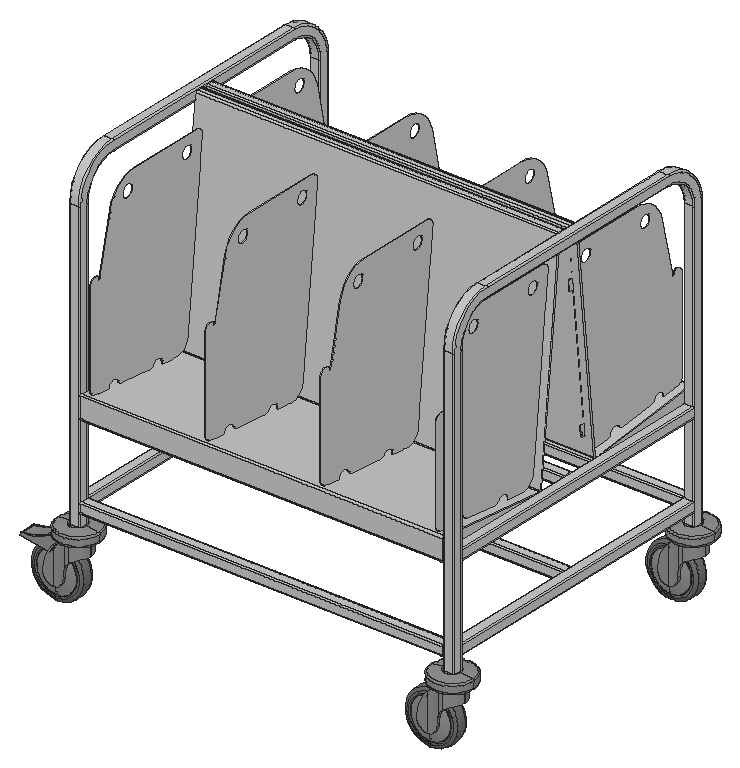
Revit family "QF_BPRO_TWH 2H_575187", category Sonderausstattung, Revit 2018
Family settings
  Bemaßung runder Anschluss = Durchmesser verwenden
  Teiletyp = Normal
  Arbeitsebenenbasiert = Nein
  Immer vertikal = Ja
  Beim Laden mit Abzugskörper schneiden = Nein
  Gemeinsam genutzt = Nein
  Raumberechnungspunkt = Nein
Parameters (values of type "TWH 2H")
  Zubehör = yes
  Warnhinweise = ""
  URL = "https://www.bpro-solutions.com/"
  Typenkommentare = "Tellerwagen"
  Tiefe = 811 mm
  Modell = "TWH 2H"
  Material Stoßschutz = QF_Plastic-Dark_Grey-Matt
  Material Rollen = QF_Plastic-Dark_Grey-Matt
  Material = QF_Metal-Stainless-Steel_general
  Länge Gerätebreite = 984 mm
  Kosten = 1279
  Internetadresse für Ersatzteilliste = ""
  Internetadresse Gerätehersteller = "https://www.bpro-solutions.com/"
  ID [instance] = ""
  Höhe = 950 mm
  Hersteller = "B.PRO GmbH"
  Großküchengerätezuordnung = yes
  Gerätegewicht Netto = 0.00 kg
  Freiraum [instance] = no
  CE Kennzeichnung = yes
  Beschreibung durch Hersteller analog Leistungsverzeichnislangtext = "Abmessungen\n\nLänge:\t\t\t984 mm\nBreite:\t\t811 mm  \nHöhe:\t\t950 mm\n\n\nAusführung\n\nDer Tellerwagen ist komplett aus CNS 18/10 hergestellt. Das Rahmengestell besteht aus stabilem Vierkantrohr 25x25 mm. Dazwischen befindet sich die verschweißte Rückwand und das schräg zur Rückwand geneigte Abstellbord.\nAnhand der 8 einhängbaren Trennbleche pro Seite lassen sich mithilfe des Lochrasters im Boden und der Rückwand die jeweiligen Tellergrößen flexibel einstellen.\nDer Wagen ist zweiseitig beschickbar und passend für Teller mit einem Durchmesser bis max. 260 mm. \n\nDer Tellerwagen ist fahrbar mittels rostfreien Kunststoffrollen gemäß DIN 18867-8 (4 Lenkrollen, davon 2 mit Feststeller, Rollendurchmesser 125 mm). An allen vier Ecken befinden sich runde Wandabweiser.\n\n\nTechnische Daten\n\nWerkstoff:\tCNS 18/10\t\nGesamttragfähigkeit:\t210 kg\t\nKapazität:\t300 Teller, passend für \tTeller max. 260 mm \n\t\n\nBesonderheit\n\n•\tInkl. 8 einhängbarenTrennblechen zur flexiblen Einstellung der gewünschten Tellergröße\n\n\nFabrikat\n\nHersteller:\t\t\tB.PRO\nModell:\tTWH 2H\nBest.Nr.\t575 187"
  Description = "TWH 2H\nTellerwagen für 2-seitige Beschickung,\nhohe Ausführung,\nkomplett aus rostfreiem Edelstahl,\ninkl. 8 einhängbaren Trennblechen zur\nflexiblen Einstellung auf die jeweilige\nTellergröße,\nBordmaß: 858 x 288 mm\nEntnahmehöhe unten: 455 mm\nFassungsvermögen: bis zu 300 Teller,\nø 26 cm"
  Artikel Nummer = "575187"
Reference planes
  plane 1 "Mitte (Vorne/hinten)": y = 0
  plane 2: z = 0
  plane 3 "Mitte (Links/rechts)": x = 0
  plane 4 "v": x = -441.5
  plane 5 "h": x = 441.5
  plane 6 "l": y = -355
  plane 7 "r": y = 355
  plane 8: x = 454
  plane 9: x = 429
  plane 10: y = 190
  plane 11: y = 165
  plane 12: x = 492.019
  plane 13: y = 405.519
  plane 14: y = -405.519
Forms (mm)
  Extrusion 1, solid, visible <- "Freiraum"
    sketch origin (-330, 330.009, 0) x (1, 0, 0) y (0, 1, 0)
      loop
        line (-162.019, 75.509) -> (-162.019, -735.528) -> (822.019, -735.528) -> (822.019, 75.509) -> (-162.019, 75.509)
    from 0 to 950
  Extrusion 2, solid, material "QF_Metal-Stainless-Steel_general" <- "Material"
    sketch origin (0, 0, 0) x (1, 0, 0) y (0, 0, 1)
      loop
        arc (-451, 226) -> (-453.121, 225.121) -> (-454, 223) r 3
        line (-454, 223) -> (-454, 204)
        arc (-454, 204) -> (-453.121, 201.879) -> (-451, 201) r 3
        line (-451, 201) -> (-432, 201)
        arc (-432, 201) -> (-429.879, 201.879) -> (-429, 204) r 3
        line (-429, 204) -> (-429, 223)
        arc (-429, 223) -> (-429.879, 225.121) -> (-432, 226) r 3
        line (-432, 226) -> (-451, 226)
      loop
        line (451, 226) -> (432, 226)
        arc (432, 226) -> (429.879, 225.121) -> (429, 223) r 3
        line (429, 223) -> (429, 204)
        arc (429, 204) -> (429.879, 201.879) -> (432, 201) r 3
        line (432, 201) -> (451, 201)
        arc (451, 201) -> (453.121, 201.879) -> (454, 204) r 3
        line (454, 204) -> (454, 223)
        arc (454, 223) -> (453.121, 225.121) -> (451, 226) r 3
    from -342.5 to 342.5
  Extrusion 3, solid, material "QF_Metal-Stainless-Steel_general" <- "Material"
    sketch origin (0, 177.5, 0) x (0, 1, 0) y (0, 0, 1)
      loop
        arc (168, 226) -> (165.879, 225.121) -> (165, 223) r 3
        line (165, 223) -> (165, 204)
        arc (165, 204) -> (165.879, 201.879) -> (168, 201) r 3
        line (168, 201) -> (187, 201)
        arc (187, 201) -> (189.121, 201.879) -> (190, 204) r 3
        line (190, 204) -> (190, 223)
        arc (190, 223) -> (189.121, 225.121) -> (187, 226) r 3
        line (187, 226) -> (168, 226)
    from -429 to 429
  Extrusion 4, solid, material "QF_Metal-Stainless-Steel_general" <- "Material"
    sketch origin (0, -177.5, 200) x (0, 1, 0) y (0, 0, 1)
      loop
        line (-168, 200.156) -> (-168, 201.656) -> (-186.545, 201.656)
        arc (-186.545, 201.656) -> (-187.927, 202.229) -> (-188.5, 203.612) r 1.955
        line (-188.5, 203.612) -> (-188.5, 251.236)
        arc (-188.5, 251.236) -> (-187.828, 252.745) -> (-186.258, 253.255) r 2.03
        line (-186.258, 253.255) -> (94.933, 223.7)
        arc (94.933, 223.7) -> (97.5, 224.461) -> (98.777, 226.813) r 3.498
        line (98.777, 226.813) -> (153.047, 743.162)
        arc (153.047, 743.162) -> (153.698, 744.44) -> (155.036, 744.953) r 2
        line (155.036, 744.953) -> (168.889, 744.953)
        arc (168.889, 744.953) -> (170.3, 744.369) -> (170.885, 742.957) r 1.996
        line (170.885, 742.957) -> (170.885, 731.453) -> (172.385, 731.453) -> (172.385, 742.957)
        arc (172.385, 742.957) -> (171.361, 745.429) -> (168.889, 746.453) r 3.496
        line (168.889, 746.453) -> (155.036, 746.453)
        arc (155.036, 746.453) -> (152.695, 745.554) -> (151.556, 743.319) r 3.5
        line (151.556, 743.319) -> (97.285, 226.97)
        arc (97.285, 226.97) -> (96.556, 225.626) -> (95.09, 225.192) r 1.998
        line (95.09, 225.192) -> (-186.101, 254.747)
        arc (-186.101, 254.747) -> (-188.832, 253.859) -> (-190, 251.236) r 3.53
        line (-190, 251.236) -> (-190, 203.612)
        arc (-190, 203.612) -> (-188.988, 201.168) -> (-186.545, 200.156) r 3.455
        line (-186.545, 200.156) -> (-168, 200.156)
    from -429 to 429
  Extrusion 5, solid, material "QF_Metal-Stainless-Steel_general" <- "Material"
    sketch origin (0, -177.5, 200) x (0, 1, 0) y (0, 0, 1)
      loop
        line (-187, 224.676) -> (-19.744, 207.096) -> (85.814, 205.254)
        arc (85.814, 205.254) -> (92.615, 207.763) -> (95.934, 214.207) r 10
        line (95.934, 214.207) -> (96.91, 223.493) -> (-186.617, 253.292) -> (-187, 251.322) -> (-187, 224.676)
    from 427.5 to 429
  Extrusion 6, solid, material "QF_Metal-Stainless-Steel_general" <- "Material"
    sketch origin (0, -177.5, 200) x (0, 1, 0) y (0, 0, -1)
      loop
        line (-187, -224.676) -> (-187, -251.322) -> (-186.617, -253.292) -> (96.91, -223.493) -> (95.934, -214.207)
        arc (95.934, -214.207) -> (92.615, -207.763) -> (85.814, -205.254) r 10
        line (85.814, -205.254) -> (-19.744, -207.096) -> (-187, -224.676)
    from 427.5 to 429
  Sweep 7, solid, material "QF_Metal-Stainless-Steel_general" <- "Material"
    path origin (0, 0, 0) x (0, 1, 0) y (0, 0, 1)
      loop
        line (355, 161) -> (355, 850)
        arc (355, 850) -> (329.372, 911.872) -> (267.5, 937.5) r 87.5
        line (267.5, 937.5) -> (-267.5, 937.5)
        arc (-267.5, 937.5) -> (-329.372, 911.872) -> (-355, 850) r 87.5
        line (-355, 850) -> (-355, 161)
    profile origin (0, 0, 937.5) x (0, 0, -1) y (1, 0, 0)
      loop
        arc (-12.5, -451) -> (-11.621, -453.121) -> (-9.5, -454) r 3
        line (-9.5, -454) -> (9.5, -454)
        arc (9.5, -454) -> (11.621, -453.121) -> (12.5, -451) r 3
        line (12.5, -451) -> (12.5, -432)
        arc (12.5, -432) -> (11.621, -429.879) -> (9.5, -429) r 3
        line (9.5, -429) -> (-9.5, -429)
        arc (-9.5, -429) -> (-11.621, -429.879) -> (-12.5, -432) r 3
        line (-12.5, -432) -> (-12.5, -451)
  Sweep 8, solid, material "QF_Metal-Stainless-Steel_general" <- "Material"
    path origin (0, 0, 0) x (0, 1, 0) y (0, 0, -1)
      loop
        line (355, -161) -> (355, -850)
        arc (355, -850) -> (329.372, -911.872) -> (267.5, -937.5) r 87.5
        line (267.5, -937.5) -> (-267.5, -937.5)
        arc (-267.5, -937.5) -> (-329.372, -911.872) -> (-355, -850) r 87.5
        line (-355, -850) -> (-355, -161)
    profile origin (0, 0, 937.5) x (0, 0, 1) y (-1, 0, 0)
      loop
        line (12.5, -451) -> (12.5, -432)
        arc (12.5, -432) -> (11.621, -429.879) -> (9.5, -429) r 3
        line (9.5, -429) -> (-9.5, -429)
        arc (-9.5, -429) -> (-11.621, -429.879) -> (-12.5, -432) r 3
        line (-12.5, -432) -> (-12.5, -451)
        arc (-12.5, -451) -> (-11.621, -453.121) -> (-9.5, -454) r 3
        line (-9.5, -454) -> (9.5, -454)
        arc (9.5, -454) -> (11.621, -453.121) -> (12.5, -451) r 3
  Extrusion 9, solid, material "QF_Metal-Stainless-Steel_general" <- "Material"
    sketch origin (0, 0, 200) x (1, 0, 0) y (0, 0, 1)
      loop
        arc (-451, 226) -> (-453.121, 225.121) -> (-454, 223) r 3
        line (-454, 223) -> (-454, 204)
        arc (-454, 204) -> (-453.121, 201.879) -> (-451, 201) r 3
        line (-451, 201) -> (-432, 201)
        arc (-432, 201) -> (-429.879, 201.879) -> (-429, 204) r 3
        line (-429, 204) -> (-429, 223)
        arc (-429, 223) -> (-429.879, 225.121) -> (-432, 226) r 3
        line (-432, 226) -> (-451, 226)
      loop
        line (451, 226) -> (432, 226)
        arc (432, 226) -> (429.879, 225.121) -> (429, 223) r 3
        line (429, 223) -> (429, 204)
        arc (429, 204) -> (429.879, 201.879) -> (432, 201) r 3
        line (432, 201) -> (451, 201)
        arc (451, 201) -> (453.121, 201.879) -> (454, 204) r 3
        line (454, 204) -> (454, 223)
        arc (454, 223) -> (453.121, 225.121) -> (451, 226) r 3
    from -342.5 to 342.5
  Extrusion 10, solid, material "QF_Metal-Stainless-Steel_general" <- "Material"
    sketch origin (0, -177.5, 0) x (0, -1, 0) y (0, 0, -1)
      loop
        line (168, -226) -> (187, -226)
        arc (187, -226) -> (189.121, -225.121) -> (190, -223) r 3
        line (190, -223) -> (190, -204)
        arc (190, -204) -> (189.121, -201.879) -> (187, -201) r 3
        line (187, -201) -> (168, -201)
        arc (168, -201) -> (165.879, -201.879) -> (165, -204) r 3
        line (165, -204) -> (165, -223)
        arc (165, -223) -> (165.879, -225.121) -> (168, -226) r 3
    from -429 to 429
  Extrusion 11, solid, material "QF_Metal-Stainless-Steel_general" <- "Material"
    sketch origin (0, 177.5, 0) x (0, -1, 0) y (0, 0, -1)
      loop
        line (168, -226) -> (187, -226)
        arc (187, -226) -> (189.121, -225.121) -> (190, -223) r 3
        line (190, -223) -> (190, -204)
        arc (190, -204) -> (189.121, -201.879) -> (187, -201) r 3
        line (187, -201) -> (168, -201)
        arc (168, -201) -> (165.879, -201.879) -> (165, -204) r 3
        line (165, -204) -> (165, -223)
        arc (165, -223) -> (165.879, -225.121) -> (168, -226) r 3
    from -429 to 429
  Extrusion 12, solid, material "QF_Metal-Stainless-Steel_general" <- "Material"
    sketch origin (0, 177.5, 200) x (0, -1, 0) y (0, 0, -1)
      loop
        line (168, -226) -> (187, -226)
        arc (187, -226) -> (189.121, -225.121) -> (190, -223) r 3
        line (190, -223) -> (190, -204)
        arc (190, -204) -> (189.121, -201.879) -> (187, -201) r 3
        line (187, -201) -> (168, -201)
        arc (168, -201) -> (165.879, -201.879) -> (165, -204) r 3
        line (165, -204) -> (165, -223)
        arc (165, -223) -> (165.879, -225.121) -> (168, -226) r 3
    from -429 to 429
  Extrusion 13, solid, material "QF_Metal-Stainless-Steel_general" <- "Material"
    sketch origin (0, 177.5, 200) x (0, -1, 0) y (0, 0, -1)
      loop
        line (-168, -200.156) -> (-186.545, -200.156)
        arc (-186.545, -200.156) -> (-188.988, -201.168) -> (-190, -203.612) r 3.455
        line (-190, -203.612) -> (-190, -251.236)
        arc (-190, -251.236) -> (-188.832, -253.859) -> (-186.101, -254.747) r 3.53
        line (-186.101, -254.747) -> (95.09, -225.192)
        arc (95.09, -225.192) -> (96.556, -225.626) -> (97.285, -226.97) r 1.998
        line (97.285, -226.97) -> (151.556, -743.319)
        arc (151.556, -743.319) -> (152.695, -745.554) -> (155.036, -746.453) r 3.5
        line (155.036, -746.453) -> (168.889, -746.453)
        arc (168.889, -746.453) -> (171.361, -745.429) -> (172.385, -742.957) r 3.496
        line (172.385, -742.957) -> (172.385, -731.453) -> (170.885, -731.453) -> (170.885, -742.957)
        arc (170.885, -742.957) -> (170.3, -744.369) -> (168.889, -744.953) r 1.996
        line (168.889, -744.953) -> (155.036, -744.953)
        arc (155.036, -744.953) -> (153.698, -744.44) -> (153.047, -743.162) r 2
        line (153.047, -743.162) -> (98.777, -226.813)
        arc (98.777, -226.813) -> (97.5, -224.461) -> (94.933, -223.7) r 3.498
        line (94.933, -223.7) -> (-186.258, -253.255)
        arc (-186.258, -253.255) -> (-187.828, -252.745) -> (-188.5, -251.236) r 2.03
        line (-188.5, -251.236) -> (-188.5, -203.612)
        arc (-188.5, -203.612) -> (-187.927, -202.229) -> (-186.545, -201.656) r 1.955
        line (-186.545, -201.656) -> (-168, -201.656) -> (-168, -200.156)
    from -429 to 429
  Extrusion 14, solid, material "QF_Metal-Stainless-Steel_general" <- "Material"
    sketch origin (0, 177.5, 200) x (0, -1, 0) y (0, 0, -1)
      loop
        line (-187, -224.676) -> (-187, -251.322) -> (-186.617, -253.292) -> (96.91, -223.493) -> (95.934, -214.207)
        arc (95.934, -214.207) -> (92.615, -207.763) -> (85.814, -205.254) r 10
        line (85.814, -205.254) -> (-19.744, -207.096) -> (-187, -224.676)
    from 427.5 to 429
  Extrusion 15, solid, material "QF_Metal-Stainless-Steel_general" <- "Material"
    sketch origin (0, 177.5, 200) x (0, -1, 0) y (0, 0, 1)
      loop
        line (-187, 224.676) -> (-19.744, 207.096) -> (85.814, 205.254)
        arc (85.814, 205.254) -> (92.615, 207.763) -> (95.934, 214.207) r 10
        line (95.934, 214.207) -> (96.91, 223.493) -> (-186.617, 253.292) -> (-187, 251.322) -> (-187, 224.676)
    from 427.5 to 429
Dimensions and locks
  aligned and locked: level to plane 2
Nested families
  nested 1: "Rolle_125mm_Typ1_1" at (-441.5, 355, 0) x (0, -1, 0) z (0, 0, 1), type "Bremse ohne Platte"
  nested 2: "Rolle_125mm_Typ1_1" at (-441.5, -355, 0) x (0, -1, 0) z (0, 0, 1), type "Bremse ohne Platte"
  nested 3: "Rolle_125mm_Typ1_1" at (441.5, -355, 0) x (0, -1, 0) z (0, 0, 1), type "ohne Bremse ohne Platte"
  nested 4: "Rolle_125mm_Typ1_1" at (441.5, 355, 0) x (0, -1, 0) z (0, 0, 1), type "ohne Bremse ohne Platte"
  nested 5: "Stoßschutz_Typ1" at (441.5, 355, 173), type "Stoßschutz_Typ1"
  nested 6: "Stoßschutz_Typ1" at (441.5, -355, 173), type "Stoßschutz_Typ1"
  nested 7: "Stoßschutz_Typ1" at (-441.5, -355, 173), type "Stoßschutz_Typ1"
  nested 8: "Stoßschutz_Typ1" at (-441.5, 355, 173), type "Stoßschutz_Typ1"
  nested 9: "Trennwand_Typ1" at (-408, -362.868, 426), type "Trennwand_Typ1"
  nested 10: "Trennwand_Typ1" at (-136, -362.868, 426), type "Trennwand_Typ1"
  nested 11: "Trennwand_Typ1" at (136, -362.868, 426), type "Trennwand_Typ1"
  nested 12: "Trennwand_Typ1" at (408, -362.868, 426), type "Trennwand_Typ1"
  nested 13: "Trennwand_Typ1" at (-408, 362.868, 426), type "Trennwand_Typ1"
  nested 14: "Trennwand_Typ1" at (-136, 362.868, 426), type "Trennwand_Typ1"
  nested 15: "Trennwand_Typ1" at (136, 362.868, 426), type "Trennwand_Typ1"
  nested 16: "Trennwand_Typ1" at (408, 362.868, 426), type "Trennwand_Typ1"
Definition of nested family "Rolle_125mm_Typ1_1"
  Parameters (values of type "Bremse ohne Platte")
    Meterial Felge = none
    Material Rolle = none
    Material Korpus = none
    Bremse = yes
    Befestigungsplatte = no
  Types (4, lengths in mm): name | Bremse | Befestigungsplatte
    Bremse und Platte | yes | yes
    Bremse ohne Platte | yes | no
    ohne Bremse mit Platte | no | yes
    ohne Bremse ohne Platte | no | no
  Reference planes
    plane 1 "Mitte (Vorne/hinten)": y = 0
    plane 2: z = 0
    plane 3 "Mitte (Links/rechts)": x = 0
    plane 4 "achse": y = -40.006
    plane 5: y = -27.583
    plane 6: y = 27.583
    plane 7: x = -19.406
    plane 8: x = 19.406
  Forms (mm)
    Extrusion 1, solid, material <- "Material Korpus"
      sketch origin (0, 0, 0) x (0, 1, 0) y (0, 0, 1)
        loop
          arc (29.483, 153.125) -> (-36.251, 126.766) -> (-66.01, 62.5) r 95.978
          arc (-66.01, 62.5) -> (-40.006, 36.495) -> (-14.001, 62.5) r 26.005
          arc (-14.001, 62.5) -> (-2.667, 96.712) -> (29.483, 112.998) r 47.282
          line (29.483, 112.998) -> (29.483, 153.125)
      from -29.5 to 29.5
    Extrusion 2, void
      sketch origin (0, 0, 0) x (1, 0, 0) y (0, 1, 0)
        loop
          arc (29.5, 0) -> (29.227, -5.123) -> (28.412, -10.188) r 48.241
          arc (28.412, -10.188) -> (26.103, -25.015) -> (25.536, -40.009) r 128.719
          arc (25.536, -40.009) -> (24.89, -53.073) -> (22.96, -66.01) r 132.493
          line (22.96, -66.01) -> (22.96, -71.01) -> (32.96, -71.01) -> (32.96, 33.99) -> (-32.96, 33.99) -> (-32.96, -71.01) -> (-22.96, -71.01) -> (-22.96, -66.01)
          arc (-22.96, -66.01) -> (-24.89, -53.073) -> (-25.536, -40.009) r 132.493
          arc (-25.536, -40.009) -> (-26.103, -25.015) -> (-28.412, -10.188) r 128.719
          arc (-28.412, -10.188) -> (-29.227, -5.123) -> (-29.5, 0) r 48.241
          arc (-29.5, 0) -> (0, 29.5) -> (29.5, 0) r 29.5
        loop
          arc (24.5, 0) -> (0, 24.5) -> (-24.5, 0) r 24.5
          arc (-24.5, 0) -> (-24.255, -4.592) -> (-23.525, -9.132) r 43.241
          arc (-23.525, -9.132) -> (-21.129, -24.509) -> (-20.536, -40.06) r 133.719
          arc (-20.536, -40.06) -> (-19.888, -52.85) -> (-17.96, -65.51) r 127.493
          line (-17.96, -65.51) -> (-17.96, -76.01) -> (17.96, -76.01) -> (17.96, -65.51)
          arc (17.96, -65.51) -> (19.888, -52.85) -> (20.536, -40.06) r 127.493
          arc (20.536, -40.06) -> (21.129, -24.509) -> (23.525, -9.132) r 133.719
          arc (23.525, -9.132) -> (24.255, -4.592) -> (24.5, 0) r 43.241
      from 0 to 161.3
    Extrusion 3, solid, material <- "Material Korpus"
      sketch origin (0, 0, 0) x (1, 0, 0) y (0, 1, 0)
        loop
          circle (0, 0) r 27.583
        loop
          circle (0, 0) r 22.583
      from 132.308 to 154.969
    Extrusion 4, void
      sketch origin (0, 0, 0) x (0, 1, 0) y (0, 0, 1)
        loop
          arc (29.483, 148.125) -> (-1.46, 142.58) -> (-28.669, 126.834) r 90.978
          line (-28.669, 126.834) -> (29.483, 126.834) -> (29.483, 148.125)
      from -30 to 30
    Extrusion 5, solid, material <- "Material Korpus"
      sketch origin (0, 0, 0) x (0, 1, 0) y (0, 0, 1)
        loop
          arc (0, 148.376) -> (-26.751, 134.682) -> (-47.956, 113.387) r 95.978
          line (-47.956, 113.387) -> (-43.905, 110.457)
          arc (-43.905, 110.457) -> (-24.464, 130.157) -> (0, 143.1) r 90.978
          line (0, 143.1) -> (0, 148.376)
      from -23.033 to 23
    Extrusion 6, void
      sketch origin (0, 0, 0) x (1, 0, 0) y (0, 1, 0)
        loop
          circle (-0.017, 0) r 22.583
      from 106.63 to 154.969
    Extrusion 7, void
      sketch origin (0, 0, 0) x (1, 0, 0) y (0, 1, 0)
        loop
          line (-20.288, -47.956) -> (-20.288, -52.956) -> (20.288, -52.956) -> (20.288, -47.956)
          arc (20.288, -47.956) -> (0, -27.669) -> (-20.288, -47.956) r 20.288
      from 83.979 to 153.125
    Revolve 8, solid, material <- "Material Korpus"
      sketch origin (0, 0, 0) x (0, 1, 0) y (0, 0, 1)
        loop
          line (-27.583, 155.817) -> (-22.583, 155.817) -> (-22.583, 154.969) -> (0, 154.969) -> (0, 160.495) -> (-27.583, 160.495) -> (-27.583, 155.817)
        axis (0, 160.495) -> (0, 154.969)
      angle from 0 to 360
    Extrusion 9, solid, material <- "Material Korpus", visible <- "Befestigungsplatte"
      sketch origin (0, 0, 0) x (1, 0, 0) y (0, 1, 0)
        loop
          line (30, 47.5) -> (-30, 47.5)
          arc (-30, 47.5) -> (-33.536, 46.036) -> (-35, 42.5) r 5
          line (-35, 42.5) -> (-35, -42.5)
          arc (-35, -42.5) -> (-33.536, -46.036) -> (-30, -47.5) r 5
          line (-30, -47.5) -> (30, -47.5)
          arc (30, -47.5) -> (33.536, -46.036) -> (35, -42.5) r 5
          line (35, -42.5) -> (35, 42.5)
          arc (35, 42.5) -> (33.536, 46.036) -> (30, 47.5) r 5
      from 158.8 to 161.3
    Revolve 10, solid, material <- "Material Rolle"
      sketch origin (0, -40.006, 0) x (0, 0, -1) y (1, 0, 0)
        loop
          line (-62.5, -12.996) -> (-14.712, -12.996) -> (-14.629, -14.183)
          arc (-14.629, -14.183) -> (-14.012, -15.475) -> (-12.68, -16) r 1.953
          line (-12.68, -16) -> (-7.356, -16)
          arc (-7.356, -16) -> (-3.064, -14.525) -> (-0.584, -10.724) r 6.984
          arc (-0.584, -10.724) -> (0.747, 0) -> (-0.584, 10.724) r 43.854
          arc (-0.584, 10.724) -> (-3.064, 14.525) -> (-7.356, 16) r 6.984
          line (-7.356, 16) -> (-12.68, 16)
          arc (-12.68, 16) -> (-14.012, 15.475) -> (-14.629, 14.183) r 1.953
          line (-14.629, 14.183) -> (-14.712, 12.996) -> (-62.5, 12.996) -> (-62.5, -12.996)
        axis (-62.5, -16) -> (-62.5, 16)
      angle from 0 to 360
    Revolve 11, solid, material <- "Meterial Felge"
      sketch origin (0, -40.006, 0) x (0, 0, -1) y (1, 0, 0)
        loop
          arc (-62.5, -22.767) -> (-38.311, -20.846) -> (-14.712, -15.198) r 156.034
          line (-14.712, -15.198) -> (-14.712, 15.198)
          arc (-14.712, 15.198) -> (-38.311, 20.846) -> (-62.5, 22.767) r 156.034
          line (-62.5, 22.767) -> (-62.5, -22.767)
        axis (-62.5, -22.767) -> (-62.5, 22.767)
      angle from 0 to 360
    Extrusion 12, solid, material <- "Material Korpus", visible <- "Bremse"
      sketch origin (0, 0, 0) x (0, 1, 0) y (0, 0, 1)
        loop
          arc (-49.4, 105.824) -> (-29.128, 129.052) -> (-2.377, 144.374) r 92.978
          line (-2.377, 144.374) -> (-24.983, 146.448)
          arc (-24.983, 146.448) -> (-43.484, 142.245) -> (-61.13, 135.276) r 124.365
          arc (-61.13, 135.276) -> (-90.048, 124.527) -> (-120.492, 119.527) r 160.001
          arc (-120.492, 119.527) -> (-121.721, 118.993) -> (-122.334, 117.801) r 1.991
          line (-122.334, 117.801) -> (-123.025, 112.581) -> (-49.4, 105.824)
      from -25 to 25
    Extrusion 13, void
      sketch origin (0, 0, 0) x (1, 0, 0) y (0, 1, 0)
        loop
          line (-24.687, -2.377) -> (-40, -2.377) -> (-40, -137.377) -> (-17.56, -137.377)
          arc (-17.56, -137.377) -> (-23.153, -69.984) -> (-24.687, -2.377) r 1125.228
        loop
          arc (-21.687, -2.377) -> (-20.149, -69.984) -> (-14.54, -137.377) r 1122.228
          line (-14.54, -137.377) -> (14.54, -137.377)
          arc (14.54, -137.377) -> (20.149, -69.984) -> (21.687, -2.377) r 1122.228
          line (21.687, -2.377) -> (-21.687, -2.377)
        loop
          arc (24.687, -2.377) -> (23.153, -69.984) -> (17.56, -137.377) r 1125.228
          line (17.56, -137.377) -> (40, -137.377) -> (40, -2.377) -> (24.687, -2.377)
      from 100.163 to 161.8
    Extrusion 14, void
      sketch origin (0, 0, 0) x (1, 0, 0) y (0, 1, 0)
        loop
          circle (0, 0) r 27.583
      from 83.929 to 175.029
    Extrusion 15, solid, material <- "Material Korpus", visible <- "Bremse"
      sketch origin (0, 0, 0) x (0, 1, 0) y (0, 0, 1)
        loop
          line (-12.244, 145.279) -> (-24.983, 146.448)
          arc (-24.983, 146.448) -> (-43.484, 142.245) -> (-61.13, 135.276) r 124.365
          arc (-61.13, 135.276) -> (-90.048, 124.527) -> (-120.492, 119.527) r 160.001
          arc (-120.492, 119.527) -> (-121.721, 118.993) -> (-122.334, 117.801) r 1.991
          line (-122.334, 117.801) -> (-123.013, 112.668) -> (-120.843, 112.381) -> (-120.293, 116.533)
          arc (-120.293, 116.533) -> (-89.279, 121.627) -> (-59.819, 132.578) r 163.001
          arc (-59.819, 132.578) -> (-42.769, 139.326) -> (-24.897, 143.428) r 121.365
          line (-24.897, 143.428) -> (-12.244, 142.267) -> (-12.244, 145.279)
      from -30 to 30
    Extrusion 16, void
      sketch origin (0, 0, 0) x (1, 0, 0) y (0, 1, 0)
        loop
          line (-21.718, -9.744) -> (-35.589, -9.744) -> (-35.589, -127.783) -> (-15.589, -127.783)
          arc (-15.589, -127.783) -> (-20.208, -68.844) -> (-21.718, -9.744) r 1122.228
        loop
          line (15.589, -127.783) -> (35.589, -127.783) -> (35.589, -9.744) -> (21.718, -9.744)
          arc (21.718, -9.744) -> (20.208, -68.844) -> (15.589, -127.783) r 1122.228
      from 95.424 to 163.646
  Cuts and joins
    Extrusion 2 cuts Extrusion 1
    Extrusion 4 cuts Extrusion 3
    Extrusion 6, Extrusion 7 cuts Extrusion 5
    joined: Extrusion 1, Extrusion 3, Extrusion 5
    Extrusion 13, Extrusion 14 cuts Extrusion 12
    Extrusion 14, Extrusion 16 cuts Extrusion 15
  Dimensions and locks
    aligned and locked: level to plane 2
Definition of nested family "Stoßschutz_Typ1"
  Parameters (values of type "Stoßschutz_Typ1")
    Material = none
  Reference planes
    plane 1 "Mitte (Vorne/hinten)": y = 0
    plane 2: z = 0
    plane 3 "Mitte (Links/rechts)": x = 0
    plane 4: z = -13.387
  Forms (mm)
    Revolve 1, solid, material <- "Material"
      sketch origin (0, 0, 0) x (1, 0, 0) y (0, 0, 1)
        loop
          line (0, 0) -> (-20.142, 0)
          arc (-20.142, 0) -> (-33.904, -1.519) -> (-47.593, -3.59) r 344.486
          arc (-47.593, -3.59) -> (-49.69, -4.792) -> (-50.519, -7.062) r 3.522
          line (-50.519, -7.062) -> (-50.519, -22)
          arc (-50.519, -22) -> (-49.933, -23.414) -> (-48.519, -24) r 2
          line (-48.519, -24) -> (-47.519, -24) -> (-47.519, -6.622)
          arc (-47.519, -6.622) -> (-33.8, -4.531) -> (-20.007, -3) r 341.486
          line (-20.007, -3) -> (0, -3) -> (0, 0)
        axis (0, -24) -> (0, 0)
      angle from 0 to 360
  Dimensions and locks
    aligned and locked: level to plane 2
Definition of nested family "Trennwand_Typ1"
  Parameters (values of type "Trennwand_Typ1")
    Material = none
  Reference planes
    plane 1 "Mitte (Vorne/hinten)": y = 0
    plane 2: z = 0
    plane 3 "Mitte (Links/rechts)": x = 0
  Forms (mm)
    Extrusion 1, solid, material <- "Material"
      sketch origin (0, 0, 0) x (0, 1, 0) y (0, 0, 1)
        loop
          line (313.868, 456.463) -> (131.93, 456.463)
          arc (131.93, 456.463) -> (85.155, 440.09) -> (58.803, 398.118) r 75
          line (58.803, 398.118) -> (30.768, 275.019) -> (29.932, 267.063)
          arc (29.932, 267.063) -> (25.426, 263.414) -> (21.777, 267.92) r 4.1
          line (21.777, 267.92) -> (22.238, 272.304) -> (19.523, 275.019) -> (15, 275.019)
          arc (15, 275.019) -> (4.393, 270.626) -> (0, 260.019) r 15
          line (0, 260.019) -> (0, 42.176)
          arc (0, 42.176) -> (3.853, 32.139) -> (13.432, 27.258) r 15
          line (13.432, 27.258) -> (24.565, 26.088) -> (23.723, 18.083)
          arc (23.723, 18.083) -> (24.582, 15.183) -> (27.24, 13.74) r 3.951
          line (27.24, 13.74) -> (48.132, 11.545)
          arc (48.132, 11.545) -> (51.098, 12.423) -> (52.574, 15.142) r 4.042
          line (52.574, 15.142) -> (53.406, 23.056)
          arc (53.406, 23.056) -> (65.429, 36.177) -> (81.491, 28.515) r 14.959
          arc (81.491, 28.515) -> (86.32, 21.872) -> (93.935, 18.797) r 14.902
          line (93.935, 18.797) -> (172.046, 10.587)
          arc (172.046, 10.587) -> (180.134, 12.012) -> (186.238, 17.506) r 14.902
          arc (186.238, 17.506) -> (203.542, 21.66) -> (212.574, 6.327) r 14.959
          line (212.574, 6.327) -> (211.733, -1.678)
          arc (211.733, -1.678) -> (212.592, -4.577) -> (215.25, -6.02) r 3.951
          line (215.25, -6.02) -> (236.142, -8.216)
          arc (236.142, -8.216) -> (239.108, -7.338) -> (240.584, -4.619) r 4.042
          line (240.584, -4.619) -> (241.416, 3.296) -> (252.609, 2.119)
          arc (252.609, 2.119) -> (274.624, 8.641) -> (285.58, 28.819) r 30
          line (285.58, 28.819) -> (287.566, 47.71) -> (290.05, 47.449) -> (289.748, 44.573)
          arc (289.748, 44.573) -> (290.114, 43.05) -> (291.478, 42.278) r 1.965
          line (291.478, 42.278) -> (293.013, 42.117)
          arc (293.013, 42.117) -> (295.947, 42.986) -> (297.407, 45.675) r 3.998
          line (297.407, 45.675) -> (299.198, 62.719)
          arc (299.198, 62.719) -> (298.271, 65.57) -> (295.624, 66.978) r 4.002
          line (295.624, 66.978) -> (289.657, 67.605) -> (321.537, 370.93) -> (324.022, 370.669) -> (323.72, 367.793)
          arc (323.72, 367.793) -> (324.086, 366.269) -> (325.449, 365.498) r 1.965
          line (325.449, 365.498) -> (326.984, 365.336)
          arc (326.984, 365.336) -> (329.918, 366.206) -> (331.379, 368.895) r 3.998
          line (331.379, 368.895) -> (333.17, 385.938)
          arc (333.17, 385.938) -> (332.243, 388.79) -> (329.596, 390.198) r 4.002
          line (329.596, 390.198) -> (323.628, 390.825) -> (328.786, 439.896)
          arc (328.786, 439.896) -> (325.015, 451.5) -> (313.868, 456.463) r 15
        loop
          circle (109.586, 416.429) r 15
        loop
          circle (284.586, 421.038) r 15
      from -1 to 1
  Dimensions and locks
    aligned and locked: level to plane 2
